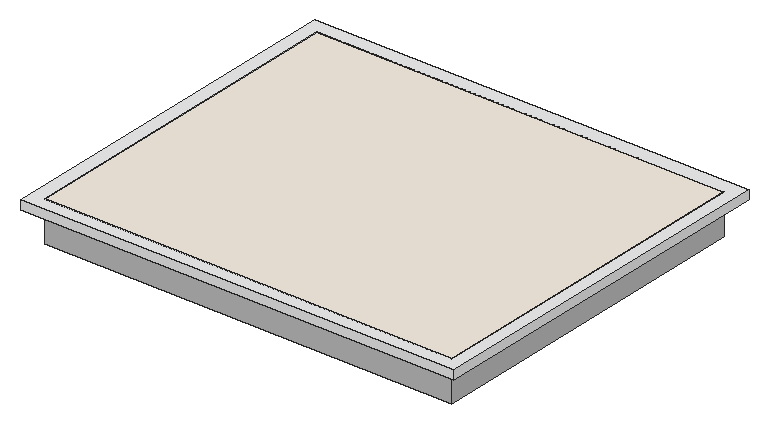
Revit family "Lighting-Industrial-GEWISS-ELIA-HL-LED_HIGHBAY", category Apparecchi per illuminazione, host Superficie, Revit 2019 (continued)
Types (12, lengths in mm): name | Weight (kg): | Weight (kg) | Voltage | Technical sheet | System power | Optic | built-in parameter 1150142 | Lumen output (lm) | Model | IDT | File diagramma fotometrico | Description
  GWF1000MM840 - ELIA HL M2 120° 4000K S.ALONE ON/OFF | "3,9" | "3,9" | "100-240 V " | "https://www.gewiss.com/ww/en/search?q=GWF1100VC873" | "120W" | "120°" | "IESNA:LM-63-1995\r\n[TEST] HB25-120-4080-120D-H00115\r\n[DATE] 27 Nov 2019\r\n[MANUFAC] GEWISS\r\n[LUMCAT] GWF1000MM840\r\n[LUMINAIRE] ELIA HL - M2 120° LED840 120W\r\n[FLASHAREA] 0.013851\r\n[LAMPCAT] LED 120W/17000lm\r\n[LAMP] LED 120W/17000lm\r\nTILT=NONE\r\n1 17000.00 1.0 181 37 1 2 -0.270 0.000 0.000\r\n1.00 1.00 120.00\r\n0.00 0.50 1.00 1.50 2.00 2.50 3.00 3.50 4.00 4.50 5.00 \r\n5.50 6.00 6.50 7.00 7.50 8.00 8.50 9.00 9.50 10.00 10.50 \r\n11.00 11.50 12.00 12.50 13.00 13.50 14.00 14.50 15.00 \r\n15.50 16.00 16.50 17.00 17.50 18.00 18.50 19.00 19.50 \r\n20.00 20.50 21.00 21.50 22.00 22.50 23.00 23.50 24.00 \r\n24.50 25.00 25.50 26.00 26.50 27.00 27.50 28.00 28.50 \r\n29.00 29.50 30.00 30.50 31.00 31.50 32.00 32.50 33.00 \r\n33.50 34.00 34.50 35.00 35.50 36.00 36.50 37.00 37.50 \r\n38.00 38.50 39.00 39.50 40.00 40.50 41.00 41.50 42.00 \r\n42.50 43.00 43.50 44.00 44.50 45.00 45.50 46.00 46.50 \r\n47.00 47.50 48.00 48.50 49.00 49.50 50.00 50.50 51.00 \r\n51.50 52.00 52.50 53.00 53.50 54.00 54.50 55.00 55.50 \r\n56.00 56.50 57.00 57.50 58.00 58.50 59.00 59.50 60.00 \r\n60.50 61.00 61.50 62.00 62.50 63.00 63.50 64.00 64.50 \r\n65.00 65.50 66.00 66.50 67.00 67.50 68.00 68.50 69.00 \r\n69.50 70.00 70.50 71.00 71.50 72.00 72.50 73.00 73.50 \r\n74.00 74.50 75.00 75.50 76.00 76.50 77.00 77.50 78.00 \r\n78.50 79.00 79.50 80.00 80.50 81.00 81.50 82.00 82.50 \r\n83.00 83.50 84.00 84.50 85.00 85.50 86.00 86.50 87.00 \r\n87.50 88.00 88.50 89.00 89.50 90.00 \r\n0.00 2.50 5.00 7.50 10.00 12.50 15.00 17.50 20.00 22.50 \r\n25.00 27.50 30.00 32.50 35.00 37.50 40.00 42.50 45.00 \r\n47.50 50.00 52.50 55.00 57.50 60.00 62.50 65.00 67.50 \r\n70.00 72.50 75.00 77.50 80.00 82.50 85.00 87.50 90.00 \r\n4943.60 4943.60 4945.30 4945.30 4947.00 4947.00 4948.70 \r\n4950.40 4953.80 4955.50 4957.20 4960.60 4964.00 4965.70 \r\n4969.10 4972.50 4977.60 4981.00 4984.40 4989.50 4992.90 \r\n4998.00 5001.40 5006.50 5009.90 5015.00 5020.10 5023.50 \r\n5026.90 5032.00 5035.40 5040.50 5045.60 5050.70 5055.80 \r\n5062.60 5067.70 5074.50 5079.60 5086.40 5093.20 5098.30 \r\n5105.10 5111.90 5118.70 5125.50 5132.30 5139.10 5145.90 \r\n5152.70 5159.50 5166.30 5173.10 5178.20 5185.00 5191.80 \r\n5196.90 5202.00 5207.10 5212.20 5215.60 5219.00 5222.40 \r\n5225.80 5227.50 5229.20 5230.90 5230.90 5230.90 5230.90 \r\n5229.20 5225.80 5222.40 5217.30 5212.20 5205.40 5198.60 \r\n5188.40 5178.20 5168.00 5154.40 5140.80 5125.50 5110.20 \r\n5093.20 5074.50 5055.80 5035.40 5013.30 4991.20 4965.70 \r\n4940.20 4909.60 4875.60 4838.20 4795.70 4746.40 4692.00 \r\n4632.50 4566.20 4496.50 4426.80 4357.10 4287.40 4214.30 \r\n4134.40 4046.00 3945.70 3840.30 3729.80 3617.60 3503.70 \r\n3389.80 3279.30 3170.50 3065.10 2961.40 2857.70 2755.70 \r\n2657.10 2560.20 2463.30 2368.10 2276.30 2186.20 2096.10 \r\n2009.40 1926.10 1844.50 1764.60 1687.25 1610.75 1536.46 \r\n1465.74 1397.06 1327.87 1260.72 1198.16 1137.98 1078.31 \r\n1019.49 960.67 903.21 847.79 795.09 746.64 700.91 656.37 \r\n613.70 573.92 536.01 499.80 465.29 432.31 400.69 371.11 \r\n342.55 313.99 286.62 261.12 236.81 213.18 191.08 171.36 \r\n153.24 135.44 118.61 103.11 88.64 75.09 62.44 50.54 39.83 \r\n30.82 23.14 16.52 11.28 7.75 5.65 4.80 5.24 \r\n4943.60 4943.60 4945.30 4945.30 4947.00 4947.00 4948.70 \r\n4950.40 4953.80 4955.50 4957.20 4960.60 4964.00 4965.70 \r\n4969.10 4972.50 4975.90 4981.00 4984.40 4988.65 4992.90 \r\n4998.00 5002.25 5006.50 5010.75 5015.00 5019.25 5023.50 \r\n5027.75 5032.00 5036.25 5040.50 5045.60 5050.70 5055.80 \r\n5062.60 5067.70 5074.50 5079.60 5086.40 5093.20 5100.00 \r\n5106.80 5112.75 5118.70 5125.50 5132.30 5139.10 5145.90 \r\n5152.70 5159.50 5166.30 5173.10 5179.05 5185.85 5191.80 \r\n5197.75 5202.85 5207.95 5213.05 5216.45 5220.70 5224.10 \r\n5226.65 5229.20 5230.90 5231.75 5232.60 5231.75 5231.75 \r\n5230.05 5227.50 5224.10 5219.00 5213.05 5207.10 5199.45 \r\n5190.10 5179.90 5168.85 5156.95 5143.35 5128.90 5111.90 \r\n5094.90 5077.90 5059.20 5038.80 5016.70 4992.90 4969.10 \r\n4941.90 4912.15 4878.15 4840.75 4797.40 4749.80 4696.25 \r\n4636.75 4570.45 4501.60 4431.90 4360.50 4290.80 4216.85 \r\n4136.95 4049.40 3949.95 3842.85 3732.35 3620.15 3506.25 \r\n3392.35 3281.85 3173.90 3067.65 2963.95 2860.25 2759.10 \r\n2659.65 2562.75 2466.70 2372.35 2278.85 2187.90 2099.50 \r\n2012.80 1928.65 1845.35 1765.45 1688.27 1611.94 1537.73 \r\n1467.19 1398.34 1329.23 1262.08 1199.27 1138.49 1078.65 \r\n1019.41 960.59 902.96 847.45 794.66 745.96 699.89 655.43 \r\n613.02 573.33 535.75 499.63 465.12 432.31 400.94 371.19 \r\n342.55 314.08 286.70 261.04 236.73 213.01 190.91 171.19 \r\n152.91 135.25 118.57 103.03 88.52 75.00 62.40 50.53 39.86 \r\n30.86 23.19 16.57 11.33 7.83 5.75 4.87 5.26 \r\n4943.60 4943.60 4944.45 4945.30 4947.00 4947.00 4948.70 \r\n4950.40 4952.95 4955.50 4957.20 4960.60 4963.15 4965.70 \r\n4969.10 4972.50 4975.90 4981.00 4984.40 4988.65 4992.90 \r\n4997.15 5002.25 5006.50 5010.75 5015.85 5019.25 5024.35 \r\n5027.75 5032.85 5036.25 5041.35 5046.45 5050.70 5056.65 \r\n5062.60 5069.40 5074.50 5081.30 5086.40 5093.20 5100.00 \r\n5106.80 5113.60 5120.40 5127.20 5134.00 5140.80 5146.75 \r\n5153.55 5160.35 5167.15 5173.95 5179.90 5185.85 5192.65 \r\n5197.75 5203.70 5208.80 5213.90 5217.30 5222.40 5224.95 \r\n5227.50 5230.05 5231.75 5233.45 5233.45 5233.45 5232.60 \r\n5230.90 5228.35 5224.95 5220.70 5214.75 5208.80 5201.15 \r\n5191.80 5182.45 5170.55 5158.65 5145.05 5130.60 5114.45 \r\n5097.45 5079.60 5060.90 5040.50 5018.40 4996.30 4970.80 \r\n4944.45 4913.85 4879.85 4841.60 4799.10 4752.35 4699.65 \r\n4641.00 4574.70 4505.85 4435.30 4363.90 4294.20 4219.40 \r\n4139.50 4051.10 3952.50 3845.40 3734.90 3621.85 3507.95 \r\n3394.90 3284.40 3175.60 3069.35 2965.65 2861.95 2761.65 \r\n2662.20 2566.15 2469.25 2374.90 2281.40 2190.45 2102.05 \r\n2015.35 1930.35 1847.05 1766.30 1688.78 1612.45 1538.59 \r\n1468.04 1399.19 1330.08 1262.76 1199.61 1138.57 1078.39 \r\n1019.07 959.99 902.36 846.77 793.90 744.86 698.62 654.16 \r\n612.00 572.56 535.25 499.20 464.87 432.14 400.86 371.11 \r\n342.38 313.90 286.54 260.78 236.47 212.75 190.57 170.85 \r\n152.50 134.96 118.41 102.86 88.31 74.83 62.29 50.48 39.84 \r\n30.86 23.20 16.59 11.37 7.90 5.84 4.94 5.28 \r\n4943.60 4943.60 4943.60 4945.30 4946.15 4947.00 4948.70 \r\n4950.40 4952.95 4954.65 4957.20 4959.75 4963.15 4965.70 \r\n4969.10 4972.50 4975.90 4980.15 4984.40 4988.65 4992.90 \r\n4997.15 5002.25 5006.50 5010.75 5015.00 5020.10 5023.50 \r\n5028.60 5032.85 5037.10 5041.35 5046.45 5051.55 5057.50 \r\n5062.60 5069.40 5074.50 5081.30 5088.10 5094.05 5100.85 \r\n5106.80 5113.60 5120.40 5127.20 5134.00 5140.80 5147.60 \r\n5153.55 5160.35 5167.15 5173.95 5179.90 5186.70 5193.50 \r\n5198.60 5204.55 5209.65 5214.75 5219.00 5223.25 5226.65 \r\n5229.20 5231.75 5233.45 5234.30 5235.15 5235.15 5234.30 \r\n5232.60 5230.05 5226.65 5222.40 5216.45 5210.50 5202.00 \r\n5193.50 5183.30 5172.25 5160.35 5146.75 5132.30 5116.15 \r\n5099.15 5082.15 5063.45 5042.20 5020.10 4998.00 4972.50 \r\n4946.15 4916.40 4881.55 4843.30 4801.65 4754.90 4702.20 \r\n4643.55 4578.10 4509.25 4438.70 4367.30 4295.90 4221.10 \r\n4141.20 4053.65 3953.35 3847.10 3736.60 3622.70 3509.65 \r\n3395.75 3285.25 3176.45 3070.20 2966.50 2864.50 2764.20 \r\n2664.75 2567.85 2471.80 2376.60 2283.95 2191.30 2102.90 \r\n2016.20 1931.20 1847.90 1767.15 1688.78 1612.62 1538.93 \r\n1468.38 1399.53 1330.34 1263.10 1199.61 1138.23 1077.72 \r\n1018.22 959.05 901.42 845.84 792.88 743.66 697.09 652.80 \r\n610.89 571.63 534.48 498.61 464.27 431.63 400.61 370.77 \r\n341.95 313.56 286.19 260.52 236.13 212.41 190.23 170.39 \r\n152.03 134.59 118.16 102.59 88.03 74.59 62.13 50.38 39.78 \r\n30.83 23.19 16.60 11.41 7.96 5.92 4.99 5.29 \r\n4943.60 4943.60 4943.60 4945.30 4946.15 4947.00 4948.70 \r\n4950.40 4952.95 4954.65 4957.20 4959.75 4963.15 4965.70 \r\n4969.10 4972.50 4975.90 4980.15 4984.40 4988.65 4993.75 \r\n4997.15 5002.25 5006.50 5011.60 5015.00 5020.10 5023.50 \r\n5028.60 5033.70 5037.10 5042.20 5046.45 5051.55 5057.50 \r\n5063.45 5069.40 5076.20 5081.30 5088.10 5094.05 5100.85 \r\n5107.65 5114.45 5121.25 5128.05 5134.00 5140.80 5147.60 \r\n5154.40 5161.20 5168.00 5174.80 5181.60 5187.55 5194.35 \r\n5199.45 5206.25 5211.35 5215.60 5219.85 5224.10 5227.50 \r\n5230.90 5232.60 5234.30 5236.00 5236.00 5236.00 5236.00 \r\n5234.30 5231.75 5228.35 5224.10 5218.15 5211.35 5203.70 \r\n5194.35 5184.15 5173.95 5161.20 5148.45 5134.00 5118.70 \r\n5101.70 5083.85 5065.15 5044.75 5022.65 4999.70 4975.05 \r\n4947.85 4917.25 4883.25 4845.00 4803.35 4756.60 4704.75 \r\n4646.10 4581.50 4512.65 4441.25 4369.85 4296.75 4221.95 \r\n4141.20 4053.65 3955.05 3848.80 3737.45 3623.55 3509.65 \r\n3396.60 3285.25 3177.30 3071.05 2967.35 2865.35 2765.90 \r\n2666.45 2569.55 2472.65 2378.30 2283.95 2193.00 2103.75 \r\n2017.05 1932.05 1848.75 1767.15 1688.53 1612.37 1538.93 \r\n1468.29 1399.36 1330.25 1262.76 1199.18 1137.56 1076.69 \r\n1017.11 957.95 900.32 844.73 791.69 742.22 695.55 651.36 \r\n609.53 570.52 533.55 497.76 463.59 431.12 400.10 370.35 \r\n341.44 313.06 285.69 260.10 235.71 211.99 189.72 169.86 \r\n151.52 134.16 117.81 102.26 87.70 74.32 61.91 50.23 39.71 \r\n30.77 23.15 16.60 11.44 8.03 5.99 5.05 5.29 \r\n4943.60 4943.60 4943.60 4945.30 4946.15 4947.00 4948.70 \r\n4951.25 4952.95 4954.65 4957.20 4959.75 4963.15 4965.70 \r\n4969.10 4972.50 4975.90 4979.30 4984.40 4988.65 4993.75 \r\n4997.15 5002.25 5006.50 5011.60 5015.85 5020.10 5024.35 \r\n5028.60 5033.70 5037.95 5042.20 5047.30 5053.25 5058.35 \r\n5064.30 5070.25 5076.20 5083.00 5088.95 5095.75 5101.70 \r\n5107.65 5114.45 5121.25 5128.05 5134.85 5141.65 5148.45 \r\n5155.25 5162.05 5168.00 5175.65 5182.45 5188.40 5194.35 \r\n5201.15 5206.25 5212.20 5217.30 5220.70 5225.80 5229.20 \r\n5231.75 5234.30 5236.85 5236.85 5238.55 5238.55 5236.85 \r\n5235.15 5233.45 5230.05 5224.95 5219.85 5213.05 5205.40 \r\n5196.05 5186.70 5174.80 5162.90 5150.15 5135.70 5119.55 \r\n5102.55 5085.55 5066.85 5045.60 5023.50 5001.40 4976.75 \r\n4948.70 4918.95 4884.10 4845.85 4805.05 4758.30 4706.45 \r\n4647.80 4584.05 4515.20 4443.80 4370.70 4298.45 4222.80 \r\n4142.05 4053.65 3955.05 3848.80 3737.45 3623.55 3509.65 \r\n3396.60 3286.10 3177.30 3071.05 2967.35 2866.20 2767.60 \r\n2668.15 2569.55 2473.50 2380.00 2285.65 2193.00 2104.60 \r\n2018.75 1932.90 1848.75 1767.15 1688.02 1611.94 1538.59 \r\n1468.04 1398.93 1329.74 1262.25 1198.33 1136.45 1075.59 \r\n1015.75 956.59 898.96 843.46 790.33 740.69 693.94 649.83 \r\n608.17 569.33 532.52 496.83 462.74 430.44 399.50 369.58 \r\n340.68 312.46 285.17 259.59 235.20 211.48 189.21 169.33 \r\n150.99 133.69 117.41 101.88 87.34 74.00 61.66 50.06 39.62 \r\n30.69 23.08 16.58 11.48 8.09 6.06 5.10 5.29 \r\n4943.60 4943.60 4943.60 4945.30 4946.15 4947.00 4948.70 \r\n4951.25 4952.95 4954.65 4956.35 4959.75 4963.15 4965.70 \r\n4969.10 4972.50 4975.90 4979.30 4984.40 4988.65 4992.90 \r\n4997.15 5002.25 5006.50 5011.60 5015.85 5020.10 5024.35 \r\n5029.45 5033.70 5038.80 5043.05 5048.15 5053.25 5059.20 \r\n5064.30 5071.10 5077.05 5083.00 5089.80 5095.75 5102.55 \r\n5109.35 5116.15 5122.95 5128.90 5135.70 5142.50 5149.30 \r\n5155.25 5162.05 5169.70 5175.65 5182.45 5189.25 5196.05 \r\n5202.00 5207.10 5213.05 5218.15 5222.40 5226.65 5230.05 \r\n5233.45 5235.15 5237.70 5238.55 5240.25 5239.40 5238.55 \r\n5236.85 5234.30 5230.90 5226.65 5221.55 5214.75 5207.10 \r\n5197.75 5188.40 5176.50 5164.60 5151.85 5137.40 5121.25 \r\n5105.10 5087.25 5067.70 5047.30 5025.20 5002.25 4977.60 \r\n4951.25 4919.80 4884.95 4846.70 4805.90 4760.00 4708.15 \r\n4650.35 4585.75 4516.05 4445.50 4372.40 4298.45 4222.80 \r\n4142.05 4053.65 3955.05 3848.80 3737.45 3622.70 3509.65 \r\n3395.75 3285.25 3177.30 3071.05 2967.35 2867.05 2768.45 \r\n2669.00 2570.40 2475.20 2380.00 2285.65 2193.85 2105.45 \r\n2018.75 1932.90 1848.75 1767.15 1687.25 1611.35 1538.07 \r\n1467.44 1398.16 1328.97 1261.40 1197.31 1135.26 1074.23 \r\n1014.30 955.14 897.60 842.09 788.97 739.25 692.24 648.21 \r\n606.82 568.05 531.42 495.81 461.81 429.59 398.82 368.81 \r\n339.92 311.69 284.67 259.08 234.69 210.97 188.70 168.80 \r\n150.46 133.21 116.99 101.48 86.96 73.67 61.40 49.89 39.51 \r\n30.61 23.00 16.56 11.51 8.15 6.13 5.14 5.29 \r\n4943.60 4943.60 4943.60 4945.30 4946.15 4947.00 4948.70 \r\n4951.25 4952.95 4954.65 4956.35 4959.75 4963.15 4964.85 \r\n4968.25 4972.50 4975.90 4979.30 4984.40 4988.65 4992.90 \r\n4998.00 5002.25 5006.50 5011.60 5015.85 5020.95 5024.35 \r\n5029.45 5034.55 5038.80 5043.90 5048.15 5054.10 5059.20 \r\n5066.00 5071.10 5077.90 5083.85 5090.65 5096.60 5103.40 \r\n5109.35 5116.15 5122.95 5129.75 5136.55 5142.50 5149.30 \r\n5156.95 5162.90 5169.70 5177.35 5184.15 5190.10 5196.90 \r\n5202.00 5208.80 5213.90 5219.00 5224.10 5228.35 5231.75 \r\n5235.15 5237.70 5239.40 5241.10 5241.10 5241.10 5240.25 \r\n5238.55 5236.00 5232.60 5228.35 5222.40 5215.60 5208.80 \r\n5198.60 5189.25 5177.35 5166.30 5152.70 5139.10 5123.80 \r\n5106.80 5088.95 5070.25 5049.00 5026.90 5003.95 4978.45 \r\n4952.10 4920.65 4885.80 4847.55 4805.90 4760.85 4709.00 \r\n4651.20 4587.45 4518.60 4447.20 4373.25 4299.30 4222.80 \r\n4141.20 4052.80 3954.20 3847.95 3736.60 3621.85 3508.80 \r\n3394.90 3285.25 3176.45 3070.20 2967.35 2867.05 2768.45 \r\n2669.00 2570.40 2475.20 2380.85 2286.50 2193.85 2105.45 \r\n2018.75 1932.90 1848.75 1766.30 1686.48 1610.58 1537.48 \r\n1466.59 1397.14 1327.95 1260.38 1196.20 1133.98 1072.87 \r\n1012.86 953.70 896.24 840.74 787.70 737.80 690.71 646.68 \r\n605.37 566.87 530.23 494.79 460.79 428.74 398.06 368.05 \r\n339.06 310.93 284.07 258.57 234.09 210.46 188.19 168.27 \r\n149.96 132.73 116.54 101.07 86.60 73.36 61.13 49.71 39.41 \r\n30.51 22.92 16.53 11.54 8.21 6.19 5.18 5.29 \r\n4943.60 4943.60 4943.60 4945.30 4946.15 4947.00 4948.70 \r\n4951.25 4952.95 4954.65 4956.35 4959.75 4962.30 4964.85 \r\n4968.25 4971.65 4975.90 4979.30 4984.40 4988.65 4992.90 \r\n4998.00 5003.10 5007.35 5012.45 5015.85 5020.95 5025.20 \r\n5029.45 5034.55 5039.65 5043.90 5049.00 5054.95 5060.90 \r\n5066.00 5071.95 5078.75 5085.55 5091.50 5097.45 5103.40 \r\n5110.20 5117.00 5123.80 5130.60 5137.40 5144.20 5151.00 \r\n5156.95 5163.75 5170.55 5177.35 5184.15 5190.95 5196.90 \r\n5203.70 5209.65 5215.60 5220.70 5224.95 5230.05 5233.45 \r\n5236.00 5238.55 5241.10 5242.80 5242.80 5242.80 5241.95 \r\n5240.25 5237.70 5234.30 5229.20 5224.10 5217.30 5209.65 \r\n5200.30 5190.95 5179.05 5168.00 5154.40 5140.80 5124.65 \r\n5107.65 5089.80 5070.25 5049.00 5027.75 5003.95 4980.15 \r\n4952.10 4921.50 4886.65 4847.55 4806.75 4761.70 4709.85 \r\n4652.05 4588.30 4520.30 4448.05 4374.10 4299.30 4221.95 \r\n4140.35 4051.95 3953.35 3847.10 3735.75 3621.00 3507.10 \r\n3394.05 3284.40 3174.75 3069.35 2965.65 2866.20 2769.30 \r\n2669.85 2570.40 2474.35 2380.85 2286.50 2193.85 2105.45 \r\n2019.60 1932.90 1848.75 1766.30 1685.72 1609.81 1536.80 \r\n1465.74 1396.13 1326.85 1259.28 1195.10 1132.71 1071.42 \r\n1011.41 952.34 894.88 839.46 786.42 736.36 689.26 645.24 \r\n604.09 565.67 529.13 493.77 459.85 427.89 397.20 367.29 \r\n338.21 310.33 283.48 257.98 233.58 209.95 187.68 167.80 \r\n149.49 132.27 116.10 100.68 86.25 73.04 60.87 49.53 39.30 \r\n30.41 22.82 16.50 11.58 8.27 6.25 5.22 5.28 \r\n4943.60 4943.60 4943.60 4945.30 4946.15 4947.00 4948.70 \r\n4950.40 4952.10 4954.65 4956.35 4959.75 4962.30 4964.85 \r\n4968.25 4971.65 4975.90 4979.30 4984.40 4988.65 4992.90 \r\n4998.00 5003.10 5007.35 5012.45 5015.85 5020.95 5026.05 \r\n5030.30 5034.55 5039.65 5045.60 5049.85 5054.95 5060.90 \r\n5066.85 5073.65 5078.75 5085.55 5092.35 5098.30 5105.10 \r\n5111.05 5117.00 5124.65 5131.45 5138.25 5144.20 5151.00 \r\n5157.80 5164.60 5171.40 5179.05 5185.00 5191.80 5198.60 \r\n5205.40 5210.50 5216.45 5221.55 5226.65 5230.90 5235.15 \r\n5237.70 5240.25 5242.80 5243.65 5244.50 5244.50 5242.80 \r\n5241.10 5239.40 5236.00 5230.90 5225.80 5219.00 5210.50 \r\n5202.00 5191.80 5180.75 5168.00 5156.10 5141.65 5125.50 \r\n5109.35 5090.65 5071.95 5050.70 5027.75 5005.65 4981.00 \r\n4952.95 4921.50 4886.65 4848.40 4807.60 4762.55 4710.70 \r\n4653.75 4590.00 4520.30 4448.05 4374.10 4299.30 4221.95 \r\n4139.50 4050.25 3950.80 3845.40 3734.05 3620.15 3506.25 \r\n3393.20 3282.70 3174.75 3068.50 2964.80 2866.20 2769.30 \r\n2669.85 2570.40 2475.20 2380.85 2286.50 2194.70 2106.30 \r\n2019.60 1932.90 1848.75 176
